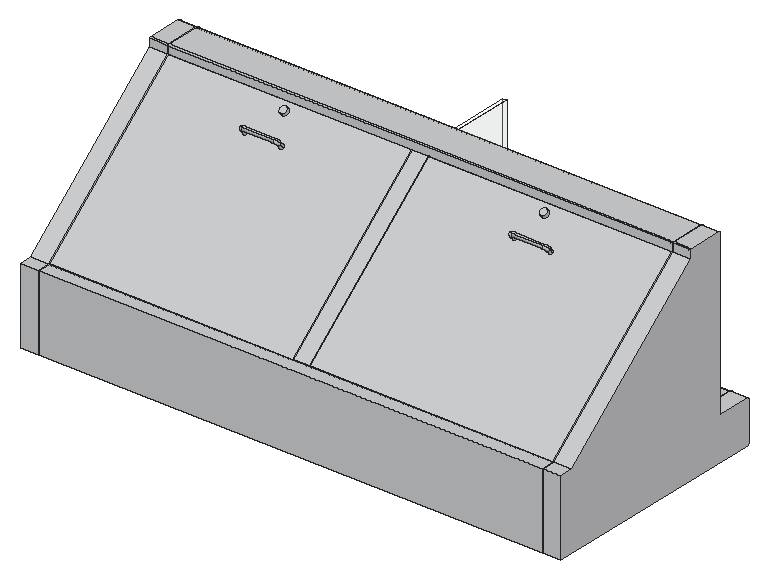
Revit family "Sink_Wall_Hung _Surgeon _Scrub-Elkay-EWSF26026_2_KWC_KWSC_SACC", category Plumbing Fixtures, host Face, Revit 2022 (continued)
Definition of nested family "EWSF390261"
  Definition of nested family "LKB721C"
    Dimensions and locks (in)
      aligned and locked: plane 9 to Extrusion 7 sketch curve
      aligned and locked: plane 18 to Extrusion 7
      aligned and locked: plane 10 "Cap" to cut or joined group of Sweep 2, Extrusion 7
    Automatic sketch dimensions
      Revolve 1 sketch curve to plane 4 = 0.00"
      Revolve 1 sketch curve to Revolve 1 sketch curve = 0.436"
      Revolve 5 sketch curve to level = 0.27821"
      plane 7 to Revolve 5 sketch curve = 0.04944"
      Revolve 6 sketch curve to plane 4 = 0.00"
      Revolve 6 sketch curve to level = 0.00"
      Sweep 2 sketch curve to plane 9 = 0.00"
      Sweep 2 sketch curve to plane 8 = 0.11841"
      radius of Sweep 2 sketch curve = 0.4375"
  Definition of nested family "LK394A"
    Parameters (values of type "LK394A")
      Temperature_Faucet_Handle = yes
      Spout Reach = 8.00"
      Repair Parts URL = ""
      Product data URL = ""
      Product Page URL = ""
      Product Installation Sheet URL = ""
      Product Documentation Link = ""
      Modified Date = ""
      Manufacturer Brand = ""
      Main Material [instance] = none
      Faucet Height = 12.00"
      Default Elevation = 0.00"
      Date Created = ""
    Reference planes (in)
      plane 1 "Center (Front/Back)": y = 0
      plane 2: z = 0
      plane 3 "Center (Left/Right)": x = 0
      plane 4 "Spout": y = -8
      plane 5: z = 12
      plane 6 "CAP": z = 10
      plane 7: z = 11
      plane 8: y = -7
      plane 9: y = -1
      plane 10: z = 11
      plane 11: z = 2
    Forms (in)
      Sweep 1, solid, material <- "Main Material"
        path origin (0, 0, 0) x (0, 1, 0) y (0, 0, 1)
          loop
            line (0, 0) -> (0, 10.5625)
            arc (0, 10.5625) -> (-0.29289, 11.26961) -> (-1, 11.5625) r 1
            line (-1, 11.5625) -> (-7, 11.5625)
            arc (-7, 11.5625) -> (-7.70711, 11.26961) -> (-8, 10.5625) r 1
            line (-8, 10.5625) -> (-8, 10)
        profile origin (0, 0, 5.28125) x (0, -1, 0) y (1, 0, 0)
          loop
            circle (0, 0) r 0.4375
      Extrusion 2, solid, material <- "Main Material"
        sketch origin (0, -79.70833, 10) x (0, -1, 0) y (1, 0, 0)
          loop
            circle (-71.70833, 0) r 0.5
        from 0 to 0.4933
      Extrusion 3, solid, material <- "Main Material"
        sketch origin (0, 0, 0) x (1, 0, 0) y (0, 1, 0)
          loop
            circle (0, 0) r 0.635
        from 0 to 2
    Cuts and joins
      joined: Sweep 1, Extrusion 2, Extrusion 3
    Dimensions and locks (in)
      "Spout Reach": plane 4 "Spout" to plane 1 "Center (Front/Back)"
      "Faucet Height": level to plane 5
      locked: plane 6 "CAP" to plane 5 at 2
      equal spacing: plane 6 "CAP", plane 7, plane 5, locked at 1 each
      equal spacing: plane 6 "CAP", plane 10, plane 5, locked at 1 each
      locked: level to plane 11 at 2
      plane 6 "CAP" to level = 10.00"
      level to plane 5 = 12.00"
      locked: plane 10 to cut or joined group of Sweep 1, Extrusion 2, Extrusion 3 at 0.5067
      locked: plane 4 "Spout" to plane 1 "Center (Front/Back)" at 8
      aligned and locked: plane 2 to level
      aligned and locked: Sweep 1 sketch curve to plane 4 "Spout"
      aligned and locked: Sweep 1 sketch curve to plane 1 "Center (Front/Back)"
      aligned and locked: plane 8 to Sweep 1 sketch curve
      aligned and locked: plane 9 to Sweep 1 sketch curve
      aligned and locked: plane 4 "Spout" to Extrusion 2 sketch curve
      aligned and locked: plane 3 "Center (Left/Right)" to Extrusion 2 sketch curve
      aligned and locked: plane 1 "Center (Front/Back)" to Extrusion 3 sketch curve
      aligned and locked: plane 3 "Center (Left/Right)" to Extrusion 3 sketch curve
      aligned and locked: Extrusion 3 to plane 11
      aligned and locked: Extrusion 2 to plane 6 "CAP"
      aligned and locked: cut or joined group of Sweep 1, Extrusion 2, Extrusion 3 to level
    Automatic sketch dimensions
      Sweep 1 sketch curve to level = 0.00"
      Sweep 1 sketch curve to plane 6 "CAP" = 0.00"
      Sweep 1 sketch curve to plane 3 "Center (Left/Right)" = 0.00"
      Sweep 1 sketch curve to profile plane = 0.00"
      plane 7 to Sweep 1 sketch curve = 0.4375"
      radius of Sweep 1 sketch curve = 0.4375"
      radius of Extrusion 2 sketch curve = 0.50"
      radius of Extrusion 3 sketch curve = 0.635"
  Definition of nested family "Temperature Handle"
    Parameters (values of type "Temperature Handle")
      Spout Reach = 8.00"
      Repair Parts URL = ""
      Product data URL = ""
      Product Page URL = ""
      Product Installation Sheet URL = ""
      Product Documentation Link = ""
      Modified Date = ""
      Manufacturer Brand = ""
      Main Material = none
      Faucet Height = 12.00"
      Default Elevation = 0.00"
      Date Created = ""
    Reference planes (in)
      plane 1 "Center (Front/Back)": y = 0
      plane 2: z = 0
      plane 3 "Center (Left/Right)": x = 0
      plane 4 "Spout": y = -0.5
      plane 5 "CAP": z = 0.7
      plane 6 "h": z = 0.8
      plane 7: z = 0.2
      plane 8: y = -0.75
      plane 9: y = -1.5
      plane 10: x = -0.25
      plane 11: x = 0.25
      plane 12: x = 2.175
      plane 13: x = -2.175
      plane 14: y = 2.175
      plane 15: y = -2.175
      plane 16: z = -0.0581
    Forms (in)
      Revolve 1, solid
        sketch origin (0, 0, 0) x (0, 1, 0) y (0, 0, 1)
          loop
            line (0, 0) -> (0, 0.8) -> (-0.5, 0.8) -> (-0.5, 0.2) -> (-0.75, 0.2) -> (-0.75, 0) -> (0, 0)
          axis (0, 0.8) -> (0, 0)
        angle from 0 to 360
      Extrusion 2, solid, material <- "Main Material"
        sketch origin (0, 0, 0) x (0, 1, 0) y (0, 0, 1)
          loop
            line (0, 0.8) -> (-1.4375, 0.8)
            arc (-1.4375, 0.8) -> (-1.48169, 0.78169) -> (-1.5, 0.7375) r 0.0625
            line (-1.5, 0.7375) -> (-1.5, 0.58288) -> (0, 0.58288) -> (0, 0.8)
        from -0.25 to 0.25
      Revolve 3, void
        sketch origin (0, 0, 0) x (0, 1, 0) y (0, 0, 1)
          loop
            line (-1.54925, 0.7) -> (-1.54925, 0.2) -> (-0.5, 0.2) -> (-0.5, 0.575)
            arc (-0.5, 0.575) -> (-0.53661, 0.66339) -> (-0.625, 0.7) r 0.125
            line (-0.625, 0.7) -> (-1.54925, 0.7)
          axis (0, 0.7) -> (0, 0.2)
        angle from 0 to 360
      Extrusion 4, solid, material <- "Main Material"
        sketch origin (0, 0, 0.8) x (0, -1, 0) y (1, 0, 0)
          loop
            line (-2.175, -2.175) -> (2.175, -2.175) -> (2.175, 2.175) -> (-2.175, 2.175) -> (-2.175, -2.175)
        from -0.8 to -0.8581
    Cuts and joins
      Revolve 3 cuts Revolve 1
      Revolve 3 cuts Extrusion 2
    Dimensions and locks (in)
      plane 10 to plane 3 "Center (Left/Right)" to plane 11 = 0.25", 0.25"
      plane 13 to plane 12 = 4.35"
      equal spacing: plane 13, plane 3 "Center (Left/Right)", plane 12, locked at 2.175 each
      equal spacing: plane 14, plane 1 "Center (Front/Back)", plane 15, locked at 2.175 each
      locked: plane 14 to plane 15 at 4.35
      locked: level to plane 16 at 0.0581
      aligned and locked: plane 2 to level
      aligned and locked: plane 1 "Center (Front/Back)" to Revolve 1 sketch curve
      aligned and locked: Revolve 1 sketch curve to plane 6 "h"
      aligned and locked: plane 4 "Spout" to Revolve 1 sketch curve  (x3)
      aligned and locked: Revolve 1 sketch curve to plane 8
      aligned and locked: plane 8 to Revolve 1 sketch curve  (x2)
      aligned and locked: plane 7 to Revolve 1 sketch curve  (x2)
      aligned and locked: plane 6 "h" to Revolve 1 sketch curve
      aligned and locked: level to Revolve 1 sketch curve  (x2)
      aligned and locked: Extrusion 2 sketch curve to Revolve 1
      aligned and locked: plane 9 to Extrusion 2 sketch curve
      aligned and locked: Revolve 3 sketch curve to plane 5 "CAP"
      aligned and locked: Revolve 3 sketch curve to plane 4 "Spout"
      aligned and locked: plane 4 "Spout" to Revolve 3 sketch curve  (x2)
      aligned and locked: Revolve 3 sketch curve to plane 7
      aligned and locked: Extrusion 4 sketch curve to plane 14
      aligned and locked: Extrusion 4 sketch curve to plane 13
      aligned and locked: Extrusion 4 sketch curve to plane 15
      aligned and locked: Extrusion 4 sketch curve to plane 12
      aligned and locked: Extrusion 4 to level
      aligned and locked: Extrusion 4 to plane 16
  Definition of nested family "Soap Spout"
    Parameters (values of type "Soap_Spout")
      Main Material = none
      Default Elevation = 0.00"
    Reference planes (in)
      plane 1 "Center (Front/Back)": y = 0
      plane 2: z = 0
      plane 3 "Center (Left/Right)": x = 0
      plane 4: y = 4.8125
      plane 5: z = 1.25
    Forms (in)
      Sweep 1, solid, material <- "Main Material"
        path origin (0, 0, 0) x (0, 1, 0) y (0, 0, 1)
          loop
            line (0, 0) -> (0, 0.75)
            arc (0, 0.75) -> (0.14645, 1.10355) -> (0.5, 1.25) r 0.5
            line (0.5, 1.25) -> (4.8125, 1.25)
        profile origin (0, 0, 0.375) x (0, -1, 0) y (1, 0, 0)
          loop
            circle (0, 0) r 0.25
      Revolve 2, solid, material <- "Main Material"
        sketch origin (0, 0, 0) x (0, 1, 0) y (0, 0, 1)
          loop
            line (4.8125, 1.50108) -> (4.8125, 1.6) -> (4.5625, 1.6) -> (4.38926, 1.50108) -> (4.5625, 1.50108) -> (4.8125, 1.50108)
          axis (4.8125, 1.25) -> (4.38926, 1.25)
        angle from 0 to 360
    Dimensions and locks (in)
      locked: plane 1 "Center (Front/Back)" to plane 4 at 4.8125
      locked: plane 5 to level at 1.25
      aligned and locked: level to plane 2
      aligned and locked: Sweep 1 sketch curve to plane 1 "Center (Front/Back)"
      aligned and locked: Sweep 1 sketch curve to plane 5
      aligned and locked: plane 4 to Sweep 1 sketch curve
      aligned and locked: level to Sweep 1 sketch curve
      aligned and locked: plane 1 "Center (Front/Back)" to Sweep 1 sketch curve
      aligned and locked: profile plane to Sweep 1 sketch curve
Types (5): name | Water panel | Temperature handle | Soap spout | Soap panel | Product data URL | Product Weight (lbs) | Product Page URL | Product Documentation Link | Model | LKB721C | LK394A | Hole | Bottom shroud | Approx. Shipping Weight (lbs)
  (no name) | no | no | no | no | "https://www.bimobject.com/en/elkay/product/EWSF26026SACC" | 162 | "https://www.elkay.com/products/details/ewsf26026sacc" | "https://www.elkayfiles.com/spec-sheets/ewsf26026sacc_spec.pdf" | "EWSF26026SACC" | yes | no | no | no | 172
  EWSF260262 (Wall Hung Double Station Surgeon Scrub Sink) | no | no | no | no | "https://www.bimobject.com/en/elkay/product/ewsf260262" | 140 | "https://www.elkay.com/products/details/ewsf260262" | "https://www.elkayfiles.com/spec-sheets/ewsf260262_spec.pdf" | "EWSF260262" | no | no | yes | no | 200
  EWSF26026KWC (Wall Hung Double Station Surgeon Scrub Sink Kit) | yes | yes | no | no | "https://www.bimobject.com/en/elkay/product/EWSF26026KWC" | 140 | "https://www.elkay.com/products/details/EWSF26026KWC" | "https://www.elkayfiles.com/spec-sheets/ewsf26026kwc_spec.pdf" | "EWSF26026KWC" | no | yes | no | yes | 150
  EWSF26026SACC (Wall Hung Double Station Surgeon Scrub Sink Kit) | no | no | no | no | "https://www.bimobject.com/en/elkay/product/EWSF26026SACC" | 162 | "https://www.elkay.com/products/details/ewsf26026sacc" | "https://www.elkayfiles.com/spec-sheets/ewsf26026sacc_spec.pdf" | "EWSF26026SACC" | yes | no | no | no | 172
  EWSF26026KWSC (Wall Hung Double Station Surgeon Scrub Sink Kit) | yes | yes | yes | yes | "https://www.bimobject.com/en/elkay/product/EWSF26026KWSC" | 140 | "https://www.elkay.com/products/details/EWSF26026KWSC" | "https://www.elkayfiles.com/spec-sheets/ewsf26026kwsc_spec.pdf" | "EWSF26026KWSC" | no | yes | no | yes | 150
